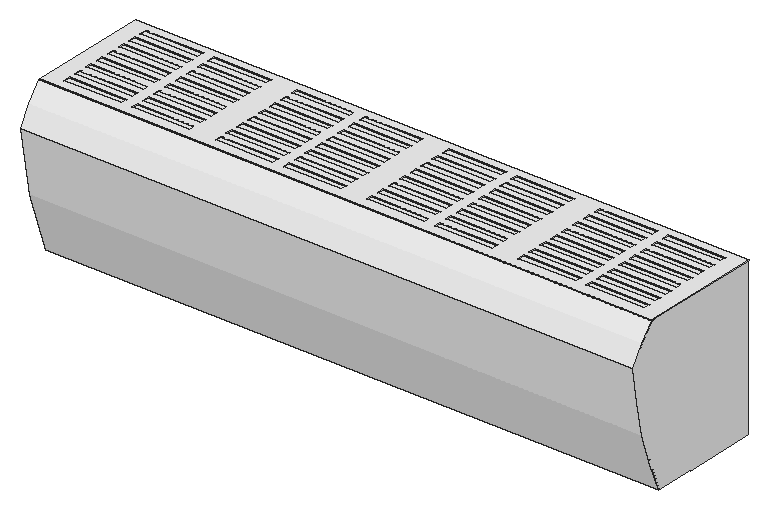
Revit family "DACN0007_revit", category Generic Models, Revit 2017
Family settings
  Can host rebar = No
  Round Connector Dimension = Use Diameter
  Part Type = Normal
  Work Plane-Based = No
  Always vertical = Yes
  Cut with Voids When Loaded = No
  Shared = No
  Room Calculation Point = No
Parameters
  Website = "https://dolphy.in/"  # constant formula
  M&L = Dolphy_CHROME
  Contact number = "+91 9520202035"  # constant formula
  Contact email = "info@dolphy.in"  # constant formula
  Company Name = "Dolphy India"  # constant formula
Reference planes
  plane 1 "Center (Front/Back)": y = 0
  plane 2: z = 0
  plane 3 "Center (Left/Right)": x = 0
Forms (mm)
  Extrusion 1, solid, material "Dolphy_CHROME" <- "M&L"
    sketch origin (450, -183.555, 200.16) x (0, 0, 1) y (0, -1, 0)
      loop
        line (-199.375, -18.391) -> (-199.375, -183.556) -> (28.75, -183.556) -> (28.75, -5.689)
        spline (28.75, -5.689) -> (25.323, -2.363) -> (21.78, 0.875) -> (18.122, 4.025) -> (14.349, 7.088) -> (10.46, 10.064) -> (6.455, 12.952) -> (2.335, 15.753) -> (-1.901, 18.467) -> (-6.253, 21.093) -> (-10.72, 23.631) -> (-15.302, 26.082) -> (-20, 28.446)
        spline (-20, 28.446) -> (-35.68, 26.817) -> (-51.562, 24.67) -> (-67.547, 22.037) -> (-83.534, 18.948) -> (-99.421, 15.436) -> (-115.107, 11.531) -> (-130.493, 7.265) -> (-145.477, 2.669) -> (-159.957, -2.226) -> (-173.835, -7.389) -> (-187.008, -12.787) -> (-199.375, -18.391)
    from -900 to 0
  Extrusion 2, solid, material "Dolphy_CHROME" <- "M&L"
    sketch origin (-450, 0.001, 228.91) x (0, -1, 0) y (1, 0, 0)
      loop
        line (176.99, 0) -> (176.99, 900) -> (0, 900) -> (0, 0) -> (176.99, 0)
      loop
        line (161.777, 23.894) -> (161.777, 108.894) -> (151.777, 108.894) -> (151.777, 23.894) -> (161.777, 23.894)
      loop
        line (141.777, 23.894) -> (141.777, 108.894) -> (131.777, 108.894) -> (131.777, 23.894) -> (141.777, 23.894)
      loop
        line (121.777, 23.894) -> (121.777, 108.894) -> (111.777, 108.894) -> (111.777, 23.894) -> (121.777, 23.894)
      loop
        line (101.777, 23.894) -> (101.777, 108.894) -> (91.777, 108.894) -> (91.777, 23.894) -> (101.777, 23.894)
      loop
        line (81.777, 23.894) -> (81.777, 108.894) -> (71.777, 108.894) -> (71.777, 23.894) -> (81.777, 23.894)
      loop
        line (61.777, 23.894) -> (61.777, 108.894) -> (51.777, 108.894) -> (51.777, 23.894) -> (61.777, 23.894)
      loop
        line (41.777, 23.894) -> (41.777, 108.894) -> (31.777, 108.894) -> (31.777, 23.894) -> (41.777, 23.894)
      loop
        line (21.777, 23.894) -> (21.777, 108.894) -> (11.777, 108.894) -> (11.777, 23.894) -> (21.777, 23.894)
      loop
        line (161.777, 123.894) -> (161.777, 208.894) -> (151.777, 208.894) -> (151.777, 123.894) -> (161.777, 123.894)
      loop
        line (141.777, 123.894) -> (141.777, 208.894) -> (131.777, 208.894) -> (131.777, 123.894) -> (141.777, 123.894)
      loop
        line (121.777, 123.894) -> (121.777, 208.894) -> (111.777, 208.894) -> (111.777, 123.894) -> (121.777, 123.894)
      loop
        line (101.777, 123.894) -> (101.777, 208.894) -> (91.777, 208.894) -> (91.777, 123.894) -> (101.777, 123.894)
      loop
        line (81.777, 123.894) -> (81.777, 208.894) -> (71.777, 208.894) -> (71.777, 123.894) -> (81.777, 123.894)
      loop
        line (61.777, 123.894) -> (61.777, 208.894) -> (51.777, 208.894) -> (51.777, 123.894) -> (61.777, 123.894)
      loop
        line (41.777, 123.894) -> (41.777, 208.894) -> (31.777, 208.894) -> (31.777, 123.894) -> (41.777, 123.894)
      loop
        line (21.777, 123.894) -> (21.777, 208.894) -> (11.777, 208.894) -> (11.777, 123.894) -> (21.777, 123.894)
      loop
        line (161.777, 246.394) -> (161.777, 331.394) -> (151.777, 331.394) -> (151.777, 246.394) -> (161.777, 246.394)
      loop
        line (141.777, 246.394) -> (141.777, 331.394) -> (131.777, 331.394) -> (131.777, 246.394) -> (141.777, 246.394)
      loop
        line (121.777, 246.394) -> (121.777, 331.394) -> (111.777, 331.394) -> (111.777, 246.394) -> (121.777, 246.394)
      loop
        line (101.777, 246.394) -> (101.777, 331.394) -> (91.777, 331.394) -> (91.777, 246.394) -> (101.777, 246.394)
      loop
        line (81.777, 246.394) -> (81.777, 331.394) -> (71.777, 331.394) -> (71.777, 246.394) -> (81.777, 246.394)
      loop
        line (61.777, 246.394) -> (61.777, 331.394) -> (51.777, 331.394) -> (51.777, 246.394) -> (61.777, 246.394)
      loop
        line (41.777, 246.394) -> (41.777, 331.394) -> (31.777, 331.394) -> (31.777, 246.394) -> (41.777, 246.394)
      loop
        line (21.777, 246.394) -> (21.777, 331.394) -> (11.777, 331.394) -> (11.777, 246.394) -> (21.777, 246.394)
      loop
        line (161.777, 346.394) -> (161.777, 431.394) -> (151.777, 431.394) -> (151.777, 346.394) -> (161.777, 346.394)
      loop
        line (141.777, 346.394) -> (141.777, 431.394) -> (131.777, 431.394) -> (131.777, 346.394) -> (141.777, 346.394)
      loop
        line (121.777, 346.394) -> (121.777, 431.394) -> (111.777, 431.394) -> (111.777, 346.394) -> (121.777, 346.394)
      loop
        line (101.777, 346.394) -> (101.777, 431.394) -> (91.777, 431.394) -> (91.777, 346.394) -> (101.777, 346.394)
      loop
        line (81.777, 346.394) -> (81.777, 431.394) -> (71.777, 431.394) -> (71.777, 346.394) -> (81.777, 346.394)
      loop
        line (61.777, 346.394) -> (61.777, 431.394) -> (51.777, 431.394) -> (51.777, 346.394) -> (61.777, 346.394)
      loop
        line (41.777, 346.394) -> (41.777, 431.394) -> (31.777, 431.394) -> (31.777, 346.394) -> (41.777, 346.394)
      loop
        line (21.777, 346.394) -> (21.777, 431.394) -> (11.777, 431.394) -> (11.777, 346.394) -> (21.777, 346.394)
      loop
        line (161.777, 468.894) -> (161.777, 553.894) -> (151.777, 553.894) -> (151.777, 468.894) -> (161.777, 468.894)
      loop
        line (141.777, 468.894) -> (141.777, 553.894) -> (131.777, 553.894) -> (131.777, 468.894) -> (141.777, 468.894)
      loop
        line (121.777, 468.894) -> (121.777, 553.894) -> (111.777, 553.894) -> (111.777, 468.894) -> (121.777, 468.894)
      loop
        line (101.777, 468.894) -> (101.777, 553.894) -> (91.777, 553.894) -> (91.777, 468.894) -> (101.777, 468.894)
      loop
        line (81.777, 468.894) -> (81.777, 553.894) -> (71.777, 553.894) -> (71.777, 468.894) -> (81.777, 468.894)
      loop
        line (61.777, 468.894) -> (61.777, 553.894) -> (51.777, 553.894) -> (51.777, 468.894) -> (61.777, 468.894)
      loop
        line (41.777, 468.894) -> (41.777, 553.894) -> (31.777, 553.894) -> (31.777, 468.894) -> (41.777, 468.894)
      loop
        line (21.777, 468.894) -> (21.777, 553.894) -> (11.777, 553.894) -> (11.777, 468.894) -> (21.777, 468.894)
      loop
        line (161.777, 568.894) -> (161.777, 653.894) -> (151.777, 653.894) -> (151.777, 568.894) -> (161.777, 568.894)
      loop
        line (141.777, 568.894) -> (141.777, 653.894) -> (131.777, 653.894) -> (131.777, 568.894) -> (141.777, 568.894)
      loop
        line (121.777, 568.894) -> (121.777, 653.894) -> (111.777, 653.894) -> (111.777, 568.894) -> (121.777, 568.894)
      loop
        line (101.777, 568.894) -> (101.777, 653.894) -> (91.777, 653.894) -> (91.777, 568.894) -> (101.777, 568.894)
      loop
        line (81.777, 568.894) -> (81.777, 653.894) -> (71.777, 653.894) -> (71.777, 568.894) -> (81.777, 568.894)
      loop
        line (61.777, 568.894) -> (61.777, 653.894) -> (51.777, 653.894) -> (51.777, 568.894) -> (61.777, 568.894)
      loop
        line (41.777, 568.894) -> (41.777, 653.894) -> (31.777, 653.894) -> (31.777, 568.894) -> (41.777, 568.894)
      loop
        line (21.777, 568.894) -> (21.777, 653.894) -> (11.777, 653.894) -> (11.777, 568.894) -> (21.777, 568.894)
      loop
        line (161.777, 691.394) -> (161.777, 776.394) -> (151.777, 776.394) -> (151.777, 691.394) -> (161.777, 691.394)
      loop
        line (141.777, 691.394) -> (141.777, 776.394) -> (131.777, 776.394) -> (131.777, 691.394) -> (141.777, 691.394)
      loop
        line (121.777, 691.394) -> (121.777, 776.394) -> (111.777, 776.394) -> (111.777, 691.394) -> (121.777, 691.394)
      loop
        line (101.777, 691.394) -> (101.777, 776.394) -> (91.777, 776.394) -> (91.777, 691.394) -> (101.777, 691.394)
      loop
        line (81.777, 691.394) -> (81.777, 776.394) -> (71.777, 776.394) -> (71.777, 691.394) -> (81.777, 691.394)
      loop
        line (61.777, 691.394) -> (61.777, 776.394) -> (51.777, 776.394) -> (51.777, 691.394) -> (61.777, 691.394)
      loop
        line (41.777, 691.394) -> (41.777, 776.394) -> (31.777, 776.394) -> (31.777, 691.394) -> (41.777, 691.394)
      loop
        line (21.777, 691.394) -> (21.777, 776.394) -> (11.777, 776.394) -> (11.777, 691.394) -> (21.777, 691.394)
      loop
        line (161.777, 791.394) -> (161.777, 876.394) -> (151.777, 876.394) -> (151.777, 791.394) -> (161.777, 791.394)
      loop
        line (141.777, 791.394) -> (141.777, 876.394) -> (131.777, 876.394) -> (131.777, 791.394) -> (141.777, 791.394)
      loop
        line (121.777, 791.394) -> (121.777, 876.394) -> (111.777, 876.394) -> (111.777, 791.394) -> (121.777, 791.394)
      loop
        line (101.777, 791.394) -> (101.777, 876.394) -> (91.777, 876.394) -> (91.777, 791.394) -> (101.777, 791.394)
      loop
        line (81.777, 791.394) -> (81.777, 876.394) -> (71.777, 876.394) -> (71.777, 791.394) -> (81.777, 791.394)
      loop
        line (61.777, 791.394) -> (61.777, 876.394) -> (51.777, 876.394) -> (51.777, 791.394) -> (61.777, 791.394)
      loop
        line (41.777, 791.394) -> (41.777, 876.394) -> (31.777, 876.394) -> (31.777, 791.394) -> (41.777, 791.394)
      loop
        line (21.777, 791.394) -> (21.777, 876.394) -> (11.777, 876.394) -> (11.777, 791.394) -> (21.777, 791.394)
    from 0 to 1.001
  Extrusion 3, void
    sketch origin (-450, -174.999, 0.785) x (1, 0, 0) y (0, -1, 0)
      loop
        line (23.894, -85.86) -> (23.894, -160.86) -> (876.394, -160.86) -> (876.394, -85.86) -> (23.894, -85.86)
    from -24.876 to 14.068
  Extrusion 4, solid, material "Dolphy_CHROME" <- "M&L"
    sketch origin (-426.106, -89.139, 0.785) x (0, 1, 0) y (0, 0, 1)
      loop
        line (37.5, 24.876) -> (37.5, 0) -> (39.451, 0) -> (39.451, 24.876) -> (37.5, 24.876)
    from 0 to 852.5
  Extrusion 5, solid, material "Dolphy_CHROME" <- "M&L"
    sketch origin (-278.079, -199.251, 0.785) x (1, 0, 0) y (0, -1, 0)
      loop
        line (253.079, -47.082) -> (253.079, -75.832) -> (303.079, -75.832) -> (303.079, -47.082) -> (253.079, -47.082)
    from 0 to 0.788
  Extrusion 6, solid, material "Dolphy_CHROME" <- "M&L"
    sketch origin (-278.079, -199.251, -0.002) x (0, 1, 0) y (1, 0, 0)
      loop
        line (50.038, 257.646) -> (72.678, 257.646) -> (72.678, 297.646) -> (50.038, 297.646) -> (50.038, 257.646)
    from 0 to 4
  Extrusion 7, void
    sketch origin (-20.433, -149.214, -0.002) x (1, 0, 0) y (0, 0, 1)
      loop
        spline (0, -4) -> (-0.71, -4.37) -> (-0.593, -4.425) -> (-0.216, -4.469) -> (0.572, -4.504) -> (1.924, -4.532) -> (3.993, -4.553) -> (6.931, -4.567) -> (10.891, -4.577) -> (16.025, -4.583) -> (22.486, -4.587) -> (30.427, -4.588) -> (40, -4.588)
        line (40, -4.588) -> (40, -1.203) -> (0, -4)
    from -24.039 to 0.891
  Extrusion 8, solid, material "Dolphy_CHROME" <- "M&L"
    sketch origin (-450, -174.999, 0.785) x (1, 0, 0) y (0, -1, 0)
      loop
        line (0, -69) -> (0, -175) -> (900, -175) -> (900, -69) -> (0, -69)
    from 0 to 0.8
Cuts and joins
  Extrusion 3 cuts Extrusion 1
  Extrusion 7 cuts Extrusion 6
  Extrusion 3 cuts Extrusion 8
  joined: Extrusion 1, Extrusion 5, Extrusion 6, Extrusion 8
Dimensions and locks
  aligned and locked: level to plane 2
